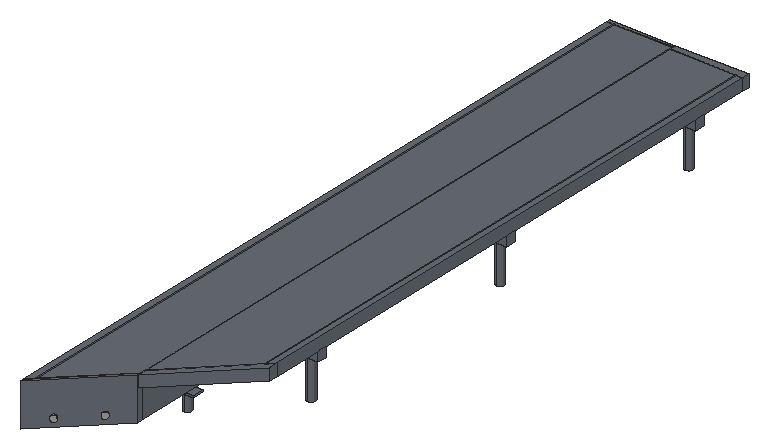
Revit family
Parameters (values of type "PL07 05 5/0")
  Width Side = 133 mm
  Width Inner Side = Actual Width 1 - Frame Offset  # 120 mm
  Width Inner Main = Actual Width - Frame Offset + 37 mm  # 144 mm
  Width = 120 mm
  URL = "http://www.meinertz.com/pictures_org/prodk.pdf"
  Total Width = Actual Width + Actual Width 1  # 253 mm
  Total Length = Length + Total Width  # 1253 mm
  Thermal Performance Index = 5
  Thermal Performance Constant = if(Thermal Performance Index = 3, 145, if(Thermal Performance Index = 4, 191, if(Thermal Performance Index = 5, 231, if(Thermal Performance Index = 6, 262, if(Thermal Performance Index = 7, 287, if(Thermal Performance Index = 8, 317, if(Thermal Performance Index = 9, 339, if(Thermal Performance Index = 10, 359, if(Thermal Performance Index = 11, 382, if(Thermal Performance Index = 12, 404, if(Thermal Performance Index = 13, 424, 444)))))))))))  # 231
  Thermal Performance = Thermal Performance Constant * Total Length / 1000 mm  # 289.443
  Tapping Radius = 9.5 mm / 2  # 4.75 mm
  Side Support Distance = (Actual Length - (2 * Frame Offset) - 200 mm) / (Count Side Support - 1)  # 387 mm
  Side Hatch Width = Actual Width 1 - 13 mm  # 120 mm
  Side Grill Length = Actual Length - (2 * Frame Offset) - 22 mm  # 952 mm
  Model = "PL07 05 5/0"
  Manufacturer = "Meinertz"  # constant formula
  Main Hatch Width = Actual Width - 13 mm  # 107 mm
  Length = 1000 mm
  Keynote = "PL07 05 5/0"
  Grill = RAL 7024 Grill
  GoGetNo = 7017  # constant formula
  Frame Offset = 13 mm  # constant formula
  Frame = RAL 7024
  Count Side Support = (Actual Length - (2 * Frame Offset) - 200 mm) / 600 mm + 1.49  # 3
  Count Grill Side = ((Width Side - Frame Offset) / 24 mm)  # 5
  Count Grill Main = (Width - Frame Offset - 11 mm) / 24 mm + 1  # 5
  Count Convec Support = (Actual Length - (2 * Frame Offset) - 300 mm) / 2500 mm + 1.49  # 2
  Convection Grill Length = Actual Length - (2 * Frame Offset) - 11 mm  # 963 mm
  Actual Width 1 = (Count Grill Side * 24 mm) + Frame Offset  # 133 mm
  Actual Width = (Count Grill Main - 1) * 24 mm + Frame Offset + 11 mm  # 120 mm
  Actual Length = if(Length < 4 * Frame Offset, 4 * Frame Offset, if(Length > 6000 mm, 6000 mm, Length))  # 1000 mm
Types (6, lengths in mm): name | Width Side | Width Inner Side | Width Inner Main | Width | Total Width | Total Length | Thermal Performance Index | Thermal Performance Constant | Thermal Performance | Side Hatch Width | Model | Main Hatch Width | Keynote | Count Grill Side | Count Grill Main | Actual Width 1 | Actual Width
  (no name) | 133 | 120 | 144 | 120 | 253 | 1253 | 5 | 231 | 289.443 | 120 | "PL07 05 5/0" | 107 | "PL07 05 5/0" | 5 | 5 | 133 | 120
  PL07 04 5/0 | 133 | 120 | 120 | 96 | 229 | 1229 | 4 | 191 | 234.739 | 120 | "PL07 04 5/0" | 83 | "PL07 04 5/0" | 5 | 4 | 133 | 96
  PL07 03 5/0 | 133 | 120 | 96 | 70 | 205 | 1205 | 3 | 145 | 174.725 | 120 | "PL07 03 5/0" | 59 | "PL07 03 5/0" | 5 | 3 | 133 | 72
  PL07 05 5/0 | 133 | 120 | 144 | 120 | 253 | 1253 | 5 | 231 | 289.443 | 120 | "PL07 05 5/0" | 107 | "PL07 05 5/0" | 5 | 5 | 133 | 120
  PL07 06 6/0 | 157 | 144 | 168 | 144 | 301 | 1301 | 6 | 262 | 340.862 | 144 | "PL07 06 6/0" | 131 | "PL07 06 6/0" | 6 | 6 | 157 | 144
  PL07 07 7/0 | 181 | 168 | 192 | 168 | 349 | 1349 | 7 | 287 | 387.163 | 168 | "PL07 07 7/0" | 155 | "PL07 07 7/0" | 7 | 7 | 181 | 168
Reference planes
  plane 1 "Center (Front/Back)": y = 0
  plane 2: z = 0
  plane 3 "Center (Left/Right)": x = 0
  plane 4: x = 60
  plane 5: x = -60
  plane 6: x = 193
  plane 7: x = 180
  plane 8: x = -47
  plane 9: y = 500
  plane 10: y = -500
  plane 11: y = -753
  plane 12: y = 487
  plane 13: y = -487
  plane 14: y = -714
  plane 15: y = -607
  plane 16: y = -507
  plane 17: y = -599.2
  plane 18: y = -476
  plane 19: x = 169
  plane 20: x = -36
  plane 21: x = 73
  plane 22: x = 84
  plane 23: y = 481.5
  plane 24: y = 476
  plane 25: y = 387
  plane 26: y = 337
  plane 27: y = -387
  plane 28: y = -721.8
  plane 29: y = -464
  plane 30: z = -70
  plane 31: z = -55
  plane 32: y = -615
  plane 33: y = -365
  plane 34: y = -265
  plane 35: y = 237
  plane 36: y = 137
  plane 37: x = 30
  plane 38: x = -17
Forms (mm)
  Extrusion 1, solid, material "RAL 7024 Grill"
    sketch origin (0, 0, 0) x (1, 0, 0) y (0, 1, 0)
      loop
        line (60, 476) -> (60, -599.244) -> (169, -490.244) -> (169, 476) -> (60, 476)
    from 0 to -20
  Extrusion 2, solid, material "RAL 7024 Grill"
    sketch origin (0, 0, 0) x (1, 0, 0) y (0, 1, 0)
      loop
        line (60, 481.5) -> (-36, 481.5) -> (-36, -703.022) -> (60, -607.022) -> (60, 481.5)
    from 0 to -70
  Extrusion 3, solid, material "RAL 7024" <- "Frame"
    sketch origin (0, 0, 0) x (1, 0, 0) y (0, 1, 0)
      loop
        line (169, 476) -> (169, -490.244) -> (180, -479.244) -> (180, 476) -> (169, 476)
    from 0 to -20
  Extrusion 4, solid, material "RAL 7024" <- "Frame"
    sketch origin (0, 0, 0) x (1, 0, 0) y (0, 1, 0)
      loop
        line (-47, 481.5) -> (-47, -714.022) -> (-36, -703.022) -> (-36, 481.5) -> (-47, 481.5)
    from 0 to -70
  Extrusion 5, solid, material "RAL 7024" <- "Frame"
    sketch origin (0, 0, 0) x (1, 0, 0) y (0, 1, 0)
      loop
        line (-47, -714.022) -> (-47, -721.8) -> (60, -614.8) -> (60, -607.022) -> (-47, -714.022)
    from 0 to -70
  Extrusion 6, solid, material "RAL 7024" <- "Frame"
    sketch origin (0, 0, 0) x (1, 0, 0) y (0, 1, 0)
      loop
        line (60, -614.8) -> (180, -494.8) -> (180, -479.244) -> (60, -599.244) -> (60, -614.8)
    from 0 to -20
  Extrusion 7, solid, material "RAL 7024" <- "Frame"
    sketch origin (0, 0, 0) x (1, 0, 0) y (0, 1, 0)
      loop
        line (60, 476) -> (180, 476) -> (180, 487) -> (60, 487) -> (60, 476)
    from 0 to -20
  Extrusion 8, solid, material "RAL 7024" <- "Frame"
    sketch origin (-47, -714.022, 0) x (0, 1, 0) y (0, 0, -1)
      loop
        line (1201.022, 0) -> (1201.022, 70) -> (1190.022, 70) -> (1190.022, 20) -> (1195.522, 20) -> (1195.522, 0) -> (1201.022, 0)
    from 0 to -107
  Extrusion 9, solid, material "Tap"
    sketch origin (0, 0, 0) x (1, 0, 0) y (0, 0, 1)
      loop
        circle (30, -55) r 4.8
    from -487 to -492
  Extrusion 10, solid, material "Tap"
    sketch origin (0, 0, 0) x (1, 0, 0) y (0, 0, 1)
      loop
        circle (-17, -55) r 4.8
    from -487 to -492
  Extrusion 11, solid, material "Tap"
    sketch origin (-47, -721.8, 0) x (0.707107, 0.707107, 0) y (0, 0, 1)
      loop
        circle (42.319, -55) r 4.8
    from 0 to 5
  Extrusion 12, solid, material "Tap"
    sketch origin (-47, -721.8, 0) x (0.707107, 0.707107, 0) y (0, 0, 1)
      loop
        circle (108.771, -55) r 4.8
    from 0 to 5
  Extrusion 13, solid, material "Tap"
    sketch origin (0, 0, 0) x (0, 1, 0) y (0, 0, 1)
      loop
        circle (-365, -55) r 4.8
      loop
        circle (-265, -55) r 4.8
    from -47 to -52
  Extrusion 14, solid, material "Tap"
    sketch origin (0, 0, 0) x (0, 1, 0) y (0, 0, 1)
      loop
        circle (137, -55) r 4.8
      loop
        circle (237, -55) r 4.8
    from -47 to -52
  Extrusion 15, solid, material "Tap"
    sketch origin (0, 0, 0) x (0, 1, 0) y (0, 0, 1)
      loop
        circle (-365, -55) r 4.8
      loop
        circle (-265, -55) r 4.8
    from 60 to 65
  Extrusion 16, solid, material "Tap"
    sketch origin (0, 0, 0) x (0, 1, 0) y (0, 0, 1)
      loop
        circle (137, -55) r 4.8
      loop
        circle (237, -55) r 4.8
    from 60 to 65
Lines and regions (mm)
  Masking region 1
    outline origin (0, 0, 0) x (1, 0, 0) y (0, 1, 0)
      loop
        line (60, 476) -> (60, -599.244) -> (169, -490.244) -> (169, 476) -> (60, 476)
  Masking region 2
    outline origin (0, 0, 0) x (1, 0, 0) y (0, 1, 0)
      loop
        line (-36, 481.5) -> (-36, -703.022) -> (60, -607.022) -> (60, 481.5) -> (-36, 481.5)
  reference lines
    curve 1: line (-55.944, -730.744, 0) -> (190.046, -484.754, 0)
    curve 2: line (-59.833, -726.855, 0) -> (186.157, -480.865, 0)
    curve 3: line (-63.722, -722.966, 0) -> (182.267, -476.976, 0)
    curve 4: line (-46.752, -739.937, 0) -> (197.572, -495.613, 0)
Dimensions and locks
  equal spacing: plane 5, plane 3 "Center (Left/Right)", plane 4
  "Actual Width 1": plane 4 to plane 6
  "Frame Offset": plane 7 to plane 6
  "Frame Offset": plane 5 to plane 8
  equal spacing: plane 9, plane 1 "Center (Front/Back)", plane 10
  "Actual Length": plane 9 to plane 10
  "Total Width": plane 10 to plane 11
  "Frame Offset": plane 12 to plane 9
  "Frame Offset": plane 10 to plane 13
  locked: plane 14 to plane 11 at 39
  "Main Hatch Width": plane 15 to plane 14
  locked: plane 16 to plane 15 at 100
  locked: plane 17 to plane 15 at 7.8
  locked: plane 13 to plane 18 at 11
  locked: plane 19 to plane 7 at 11
  locked: plane 8 to plane 20 at 11
  plane 4 to plane 21 = 13 mm
  locked: plane 21 to plane 22 at 11
  locked: plane 23 to plane 12 at 5.5
  locked: plane 24 to plane 23 at 5.5
  locked: plane 25 to plane 12 at 100
  locked: plane 26 to plane 25 at 50
  locked: plane 13 to plane 27 at 100
  equal spacing: group 1, group 2, group 5  (x2)
  equal spacing: group 5, group 2, group 1
  "Side Support Distance": nested 1 to nested 2
  group 3 to group 4 = 0 mm  (x2)
  group 4 to group 3 = 844 mm
  locked: plane 14 to plane 28 at 7.8
  locked: plane 29 to plane 14 at 250
  locked: plane 32 to plane 33 at 250
  locked: plane 33 to plane 34 at 100
  plane 36 to plane 35 to plane 12 = 100 mm locked, 250 mm locked
  locked: plane 4 to plane 37 at 30
  locked: plane 38 to plane 8 at 30
  "Actual Width": plane 5 to plane 4
  locked: Extrusion 10 to plane 12 at 5
  locked: Extrusion 9 to plane 12 at 5
  locked: plane 32 to plane 15 at 8
  locked: Extrusion 14 to plane 8 at 5
  locked: Extrusion 13 to plane 8 at 5
  plane 32 to plane 33 to plane 34 = 250 mm, 100 mm
  locked: plane 4 to Extrusion 15 at 5
  locked: plane 4 to Extrusion 16 at 5
  aligned and locked: level to plane 2
  aligned and locked: Extrusion 1 sketch curve to plane 19
  aligned and locked: plane 4 to Extrusion 1 sketch curve
  aligned and locked: Extrusion 2 sketch curve to plane 20
  aligned and locked: plane 4 to Extrusion 2 sketch curve
  aligned and locked: plane 24 to Extrusion 1 sketch curve
  aligned and locked: Extrusion 2 sketch curve to plane 23
  aligned and locked: plane 24 to Extrusion 3 sketch curve
  aligned and locked: Extrusion 3 sketch curve to plane 7
  aligned and locked: plane 19 to Extrusion 3 sketch curve
  aligned and locked: plane 23 to Extrusion 4 sketch curve
  aligned and locked: plane 8 to Extrusion 4 sketch curve
  aligned and locked: Extrusion 4 sketch curve to plane 20
  aligned and locked: Extrusion 5 sketch curve to plane 8
  aligned and locked: plane 4 to Extrusion 5 sketch curve
  aligned and locked: Extrusion 6 sketch curve to plane 4
  aligned and locked: plane 7 to Extrusion 6 sketch curve
  aligned and locked: plane 12 to Extrusion 7 sketch curve
  aligned and locked: Extrusion 7 sketch curve to plane 24
  aligned and locked: Extrusion 7 sketch curve to plane 7
  aligned and locked: plane 4 to Extrusion 7 sketch curve
  aligned and locked: nested 1 to plane 25
  aligned and locked: nested 1 to plane 7
  aligned and locked: nested 1 to Extrusion 1
  aligned and locked: nested 2 to plane 7
  aligned and locked: nested 2 to Extrusion 1
  aligned and locked: plane 26 to nested 3
  aligned and locked: plane 8 to nested 3
  aligned and locked: nested 3 to Extrusion 4
  aligned and locked: nested 4 to plane 16
  aligned and locked: nested 4 to Extrusion 4  (x2)
  aligned and locked: plane 24 to Masking region 1 sketch curve
  aligned and locked: plane 4 to Masking region 1 sketch curve
  aligned and locked: Masking region 1 sketch curve to plane 19
  aligned and locked: plane 23 to Masking region 2 sketch curve
  aligned and locked: Masking region 2 sketch curve to plane 4
  aligned and locked: plane 20 to Masking region 2 sketch curve
  aligned and locked: nested 5 to plane 24  (x3)
  aligned: plane 4 to nested 5  (x3)
  aligned: plane 19 to nested 5  (x3)
  aligned and locked: plane 4 to nested 5
  aligned and locked: plane 17 to nested 5
  aligned and locked: nested 6 to plane 23
  aligned and locked: plane 4 to nested 6
  aligned and locked: plane 14 to nested 6
  aligned and locked: plane 4 to Extrusion 8
  aligned and locked: curve 1 to Extrusion 6 sketch curve
  aligned and locked: Extrusion 6 sketch curve to curve 3
  aligned and locked: curve 1 to Extrusion 5 sketch curve
  aligned and locked: Extrusion 5 sketch curve to curve 2
  aligned and locked: Extrusion 3 sketch curve to curve 3
  aligned and locked: Extrusion 4 sketch curve to curve 2
  aligned and locked: Extrusion 1 sketch curve to curve 3
  aligned and locked: Masking region 1 sketch curve to curve 3
  aligned and locked: curve 2 to Extrusion 2 sketch curve
  aligned and locked: Masking region 2 sketch curve to curve 2
  aligned and locked: Extrusion 9 to plane 12
  aligned and locked: Extrusion 10 to plane 12
  aligned and locked: Extrusion 12 to Extrusion 5
  aligned and locked: Extrusion 11 to Extrusion 5
  aligned and locked: Extrusion 13 to plane 8
  aligned and locked: Extrusion 14 to plane 8
  aligned: plane 4 to Extrusion 16
  aligned and locked: Extrusion 15 to plane 4
  aligned and locked: Extrusion 16 to plane 4
Automatic sketch dimensions
  Extrusion 8 sketch curve to Extrusion 4 = 0 mm  (x3)
  Extrusion 4 to Extrusion 8 sketch curve = 5.5 mm
  Extrusion 8 sketch curve to Extrusion 4 = 5.5 mm
  Extrusion 4 to Extrusion 8 sketch curve = 20 mm
  curve 3 to plane 28 = 1.166 mm
  plane 5 to curve 3 = 3.722 mm
  curve 2 to plane 5 = 0.167 mm
  curve 1 to plane 5 = 4.056 mm
  plane 8 to curve 4 = 0.248 mm
  plane 18 to curve 3 = 0.976 mm
  plane 7 to curve 3 = 2.267 mm
  curve 3 to curve 2 = 3.889 mm
  curve 1 to plane 6 = 2.954 mm
  plane 6 to curve 4 = 4.572 mm
  curve 2 to plane 28 = 5.055 mm
  curve 1 to curve 2 = 3.889 mm
  curve 4 to curve 1 = 9.192 mm
  plane 10 to curve 4 = 4.387 mm
  curve 1 to plane 13 = 2.246 mm
  plane 18 to curve 2 = 4.865 mm
  Extrusion 9 sketch curve to plane 31 = 0 mm
  Extrusion 9 sketch curve to plane 37 = 0 mm
  Extrusion 10 sketch curve to plane 31 = 0 mm
  Extrusion 10 sketch curve to plane 38 = 0 mm
  Extrusion 5 to Extrusion 11 sketch curve = 15 mm
  Extrusion 11 sketch curve to Extrusion 5 = 42.319 mm
  Extrusion 5 to Extrusion 12 sketch curve = 15 mm
  Extrusion 12 sketch curve to Extrusion 5 = 42.549 mm
  plane 31 to Extrusion 13 sketch curve = 0 mm  (x2)
  Extrusion 13 sketch curve to plane 33 = 0 mm
  Extrusion 13 sketch curve to plane 34 = 0 mm
  plane 31 to Extrusion 14 sketch curve = 0 mm  (x2)
  Extrusion 14 sketch curve to plane 36 = 0 mm
  Extrusion 14 sketch curve to plane 35 = 0 mm
  plane 31 to Extrusion 15 sketch curve = 0 mm  (x2)
  Extrusion 15 sketch curve to plane 33 = 0 mm
  Extrusion 15 sketch curve to plane 34 = 0 mm
  plane 31 to Extrusion 16 sketch curve = 0 mm  (x2)
  Extrusion 16 sketch curve to plane 36 = 0 mm
  Extrusion 16 sketch curve to plane 35 = 0 mm
  radius of Extrusion 9 sketch curve = 4.8 mm
  radius of Extrusion 10 sketch curve = 4.8 mm
  radius of Extrusion 11 sketch curve = 4.8 mm
  radius of Extrusion 12 sketch curve = 4.8 mm
  radius of Extrusion 13 sketch curve = 4.8 mm  (x2)
  radius of Extrusion 14 sketch curve = 4.8 mm  (x2)
  radius of Extrusion 15 sketch curve = 4.8 mm  (x2)
  radius of Extrusion 16 sketch curve = 4.8 mm  (x2)
Nested families
  nested 1: "Support" at (106.079, 393.469, -36) x (0, 1, 0) z (0, 0, 1), type "Side Support"
  nested 2: "Support" at (106.079, 6.469, -36) x (0, 1, 0) z (0, 0, 1), type "Side Support"
  nested 3: "Support" at (26.921, 330.531, -72) x (0, -1, 0) z (0, 0, 1), type "Convec Support"
  nested 4: "Support" at (26.921, -513.469, -72) x (0, -1, 0) z (0, 0, 1), type "Convec Support"
  nested 5: "Grill 45" at (-27.201, -479.2, 0), type "Side"
    with Start 11 mm, Second 13 mm, Length 1075.2 mm, Big no
  nested 6: "Grill 45" at (-140.701, -607, 0), type "Main"
    with Start 11 mm, Second 13 mm, Length 1195.5 mm, Big no, Width 107 mm
  nested 7: "Support" at (106.079, -380.531, -36) x (0, 1, 0) z (0, 0, 1), type "Side Support"
Connectors
  piping at (-13.54, -695.412, -55), driven by "Tapping Radius"
    settings: on Extrusion 11, index 1, connector radius 0.18701", flow factor 0, pipe flow 0.0 L/s, pressure drop 0.00 Pa, fitting loss kfactor 0, connector angle 0.00°, fixture units 0, flow configuration 1, flow direction 1, fitting loss method 0, system type 22, connector reference index -1, connector utility 0, adjustable connector no, is connector primary yes, fitting loss table "", connector description ""
  piping at (33.448, -648.423, -55), driven by "Tapping Radius"
    settings: on Extrusion 12, index 2, connector radius 0.18701", flow factor 0, pipe flow 0.0 L/s, pressure drop 0.00 Pa, fitting loss kfactor 0, connector angle 0.00°, fixture units 0, flow configuration 1, flow direction 2, fitting loss method 0, system type 22, connector reference index -1, connector utility 0, adjustable connector no, is connector primary no, fitting loss table "", connector description ""
  piping at (65, -365, -55), driven by "Tapping Radius"
    settings: on Extrusion 15, index 3, connector radius 0.18701", flow factor 0, pipe flow 0.0 L/s, pressure drop 0.00 Pa, fitting loss kfactor 0, connector angle 0.00°, fixture units 0, flow configuration 1, flow direction 1, fitting loss method 0, system type 22, connector reference index -1, connector utility 0, adjustable connector no, is connector primary no, fitting loss table "", connector description ""
  piping at (65, -265, -55), driven by "Tapping Radius"
    settings: on Extrusion 15, index 4, connector radius 0.18701", flow factor 0, pipe flow 0.0 L/s, pressure drop 0.00 Pa, fitting loss kfactor 0, connector angle 0.00°, fixture units 0, flow configuration 1, flow direction 2, fitting loss method 0, system type 22, connector reference index -1, connector utility 0, adjustable connector no, is connector primary no, fitting loss table "", connector description ""
  piping at (65, 137, -55), driven by "Tapping Radius"
    settings: on Extrusion 16, index 5, connector radius 0.18701", flow factor 0, pipe flow 0.0 L/s, pressure drop 0.00 Pa, fitting loss kfactor 0, connector angle 0.00°, fixture units 0, flow configuration 1, flow direction 1, fitting loss method 0, system type 22, connector reference index -1, connector utility 0, adjustable connector no, is connector primary no, fitting loss table "", connector description ""
  piping at (65, 237, -55), driven by "Tapping Radius"
    settings: on Extrusion 16, index 6, connector radius 0.18701", flow factor 0, pipe flow 0.0 L/s, pressure drop 0.00 Pa, fitting loss kfactor 0, connector angle 0.00°, fixture units 0, flow configuration 1, flow direction 2, fitting loss method 0, system type 22, connector reference index -1, connector utility 0, adjustable connector no, is connector primary no, fitting loss table "", connector description ""
  piping at (30, 492, -55), driven by "Tapping Radius"
    settings: on Extrusion 9, index 7, connector radius 0.18701", flow factor 0, pipe flow 0.0 L/s, pressure drop 0.00 Pa, fitting loss kfactor 0, connector angle 0.00°, fixture units 0, flow configuration 1, flow direction 1, fitting loss method 0, system type 22, connector reference index -1, connector utility 0, adjustable connector no, is connector primary no, fitting loss table "", connector description ""
  piping at (-17, 492, -55), driven by "Tapping Radius"
    settings: on Extrusion 10, index 8, connector radius 0.18701", flow factor 0, pipe flow 0.0 L/s, pressure drop 0.00 Pa, fitting loss kfactor 0, connector angle 0.00°, fixture units 0, flow configuration 1, flow direction 2, fitting loss method 0, system type 22, connector reference index -1, connector utility 0, adjustable connector no, is connector primary no, fitting loss table "", connector description ""
  piping at (-52, 237, -55), driven by "Tapping Radius"
    settings: on Extrusion 14, index 9, connector radius 0.18701", flow factor 0, pipe flow 0.0 L/s, pressure drop 0.00 Pa, fitting loss kfactor 0, connector angle 0.00°, fixture units 0, flow configuration 1, flow direction 1, fitting loss method 0, system type 22, connector reference index -1, connector utility 0, adjustable connector no, is connector primary no, fitting loss table "", connector description ""
  piping at (-52, 137, -55), driven by "Tapping Radius"
    settings: on Extrusion 14, index 10, connector radius 0.18701", flow factor 0, pipe flow 0.0 L/s, pressure drop 0.00 Pa, fitting loss kfactor 0, connector angle 0.00°, fixture units 0, flow configuration 1, flow direction 2, fitting loss method 0, system type 22, connector reference index -1, connector utility 0, adjustable connector no, is connector primary no, fitting loss table "", connector description ""
  piping at (-52, -265, -55), driven by "Tapping Radius"
    settings: on Extrusion 13, index 11, connector radius 0.18701", flow factor 0, pipe flow 0.0 L/s, pressure drop 0.00 Pa, fitting loss kfactor 0, connector angle 0.00°, fixture units 0, flow configuration 1, flow direction 1, fitting loss method 0, system type 22, connector reference index -1, connector utility 0, adjustable connector no, is connector primary no, fitting loss table "", connector description ""
  piping at (-52, -365, -55), driven by "Tapping Radius"
    settings: on Extrusion 13, index 12, connector radius 0.18701", flow factor 0, pipe flow 0.0 L/s, pressure drop 0.00 Pa, fitting loss kfactor 0, connector angle 0.00°, fixture units 0, flow configuration 1, flow direction 2, fitting loss method 0, system type 22, connector reference index -1, connector utility 0, adjustable connector no, is connector primary no, fitting loss table "", connector description ""
Definition of nested family "Support"
  Parameters (values of type "Side Support")
    offset top = 17.5 mm
    Width = 16 mm
    Side 2 = yes
    Side 1 = no
    Length = 120 mm
    Height = 16 mm
    Frame = RAL 7024
    Footing rad = 6.5 mm
    Footing Height = 64 mm
    Assembly Code = ""
  Types (4, lengths in mm): name | Width | Side 2 | Side 1 | Length | Height | Footing Height
    Side Support | 16 | yes | no | 120 | 16 | 64
    Convec Support | 20 | yes | yes | 120 | 2 | 28
    Side Right Support | 16 | yes | no | 120 | 16 | 64
    Side Left Support | 16 | no | yes | 72 | 16 | 64
  Reference planes
    plane 1 "Center (Front/Back)": y = -13.921
    plane 2: z = 0
    plane 3 "Center (Left/Right)": x = -6.469
    plane 4: z = 16
    plane 5: x = 1.531
    plane 6: x = -14.469
    plane 7: y = 46.079
    plane 8: y = -73.921
    plane 9: y = 28.579
    plane 10: y = -56.421
    plane 11: z = -64
  Forms (mm)
    Extrusion 1, solid, material "RAL 7024" <- "Frame"
      sketch origin (0, -13.921, 0) x (1, 0, 0) y (0, 0, 1)
        loop
          line (-14.469, 16) -> (-14.469, 0) -> (1.531, 0) -> (1.531, 16) -> (-14.469, 16)
      from -60 to 60
    Extrusion 2, solid, material "RAL 7024" <- "Frame", visible <- "Side 1"
      sketch origin (0, 0, 0) x (1, 0, 0) y (0, 1, 0)
        loop
          circle (-6.469, 28.579) r 6.5
      from -64 to 0
    Extrusion 3, solid, material "RAL 7024" <- "Frame", visible <- "Side 2"
      sketch origin (0, 0, 0) x (1, 0, 0) y (0, 1, 0)
        loop
          circle (-6.469, -56.421) r 6.5
      from -64 to 0
  Dimensions and locks
    equal spacing: plane 6, plane 3 "Center (Left/Right)", plane 5
    equal spacing: plane 7, plane 1 "Center (Front/Back)", plane 8
    "Length": plane 7 to plane 8
    "Width": plane 6 to plane 5
    "Height": plane 4 to plane 2
    "offset top": plane 7 to plane 9
    "offset top": plane 10 to plane 8
    "Footing Height": plane 2 to plane 11
    "Footing rad": Extrusion 2 sketch curve to plane 3 "Center (Left/Right)"
    "Footing rad": plane 9 to Extrusion 2 sketch curve
    locked: plane 10 to Extrusion 3 sketch curve at 6.5
    locked: plane 3 "Center (Left/Right)" to Extrusion 3 sketch curve at 6.5
    "Footing rad": radius of Extrusion 2 sketch curve
    "Footing rad": radius of Extrusion 3 sketch curve
    aligned and locked: plane 6 to Extrusion 1 sketch curve
    aligned and locked: Extrusion 1 sketch curve to plane 4
    aligned and locked: level to Extrusion 1 sketch curve
    aligned and locked: Extrusion 1 sketch curve to plane 5
    aligned and locked: plane 7 to Extrusion 1
    aligned and locked: Extrusion 1 to plane 8
    aligned and locked: Extrusion 2 to plane 11
    aligned and locked: plane 2 to Extrusion 2
    aligned and locked: Extrusion 3 to plane 11
    aligned and locked: level to Extrusion 3
Definition of nested family "Grill 45"
  Parameters (values of type "Right")
    Width = 120 mm
    Start [instance] = if(Big, 13 mm, 11 mm)  # 11 mm
    Second [instance] = if(Big, 11 mm, 13 mm)  # 13 mm
    Length [instance] = 500 mm
    Big [instance] = no
    Assembly Code = ""
  Types (5, lengths in mm): name | Width | Length
    Right | 120 | 500
    Main | 83 | 500
    Left | 72 | 500
    Side | 120 | 900
    Grill 45 | 500 | 900
  Reference planes
    plane 1 "Center (Front/Back)": y = 0
    plane 2: z = 0
    plane 3 "Center (Left/Right)": x = 147.201
    plane 4: x = 207.201
    plane 5: x = 87.201
    plane 6: y = -120
    plane 7: y = 380
    plane 8: through (87.201, -120, 4000) normal (-0.7071, 0.7071, 0)
  Lines and regions (mm)
    Filled region 1, type "Base", in view "Ref. Level"
      outline origin (0, 0, 0) x (1, 0, 0) y (0, 1, 0)
        loop
          line (87.201, 380) -> (87.201, -120) -> (207.201, 0) -> (207.201, 380) -> (87.201, 380)
    Filled region 2, type "Top", in view "Ref. Level"
      outline origin (98.995, 98.995, 0) x (1, 0, 0) y (0, 1, 0)
        loop
          line (-11.794, 281.005) -> (-11.794, -218.995) -> (108.206, -98.995) -> (108.206, 281.005) -> (-11.794, 281.005)
  Dimensions and locks
    equal spacing: plane 5, plane 3 "Center (Left/Right)", plane 4
    "Width": plane 6 to plane 1 "Center (Front/Back)"
    "Width": plane 5 to plane 4
    "Length": plane 7 to plane 6
    "Start": plane 5 to Filled region 2
    "Second": Filled region 2 to Filled region 1
    aligned and locked: Filled region 1 to Filled region 2
    aligned and locked: Filled region 2 to plane 5
    aligned and locked: plane 7 to Filled region 2
    aligned and locked: plane 4 to Filled region 2
    aligned and locked: plane 5 to Filled region 1
    aligned and locked: Filled region 2 to plane 8
  Automatic sketch dimensions
    Filled region 1 sketch curve to plane 5 = 0 mm
    Filled region 1 sketch curve to plane 1 "Center (Front/Back)" = 0 mm
    Filled region 1 sketch curve to plane 4 = 0 mm
    Filled region 1 sketch curve to plane 6 = 0 mm
    Filled region 1 sketch curve to plane 7 = 0 mm
    plane 5 to Filled region 2 sketch curve = 0 mm
    plane 4 to Filled region 2 sketch curve = 0 mm
    plane 6 to Filled region 2 sketch curve = 0 mm
    Filled region 2 sketch curve to plane 1 "Center (Front/Back)" = 0 mm
    plane 7 to Filled region 2 sketch curve = 0 mm
